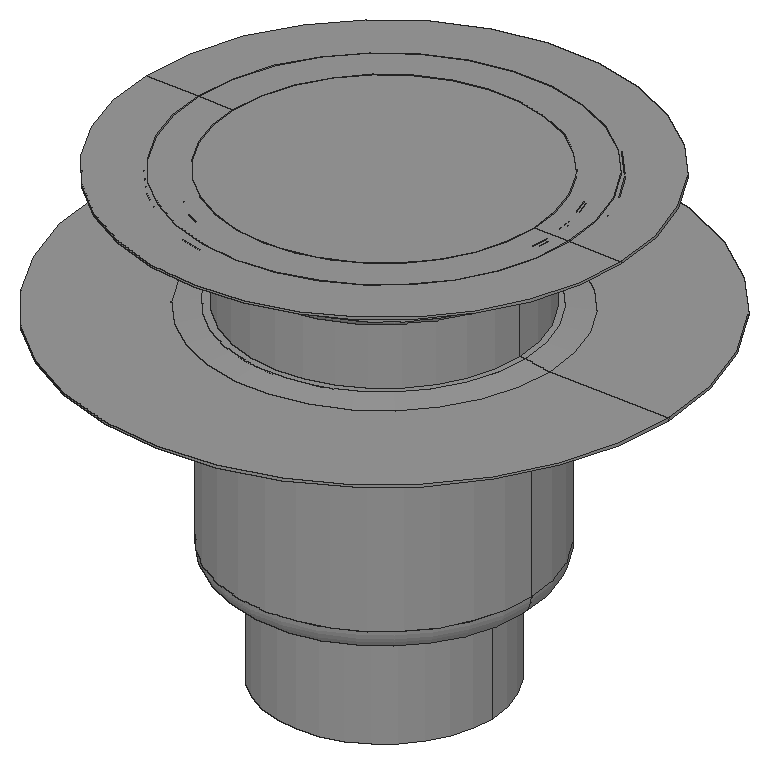
Revit family "ACO AUS Gully 218 Telescopic - Vinyl - Vertical Outlet with Mechanical Flange - 300x3003", category Plumbing Fixtures, host Floor, Revit 2014
Parameters (values of type "142208 - Adjustable Height without FAT SS 304")
  vertical 110 = no
  Website = "www.acoaus.com.au"
  Watermarked By = "www.acoaus.com.au"
  Water Marked With = "BIM Manager Premium Suite"  # constant formula
  Water Mark 2 = "This file is water marked and users are prohibited to reproduce, adapt, distribute this information"  # constant formula
  Water Mark 1 = "This file is the property of ACO Passavant"  # constant formula
  Waste Connection = no
  Vertical 160 = yes
  Telephone = "+61 (2) 4747 4000"  # constant formula
  Square Size = 300.000 mm
  Seepage Water Removal Pipe End = -if(Square Size = 250.000 mm, 33.500 mm, 25.000 mm)  # -25.000 mm
  Product Type = "Point Drainage"  # constant formula
  Product Range = "ACO Gully 218"  # constant formula
  Product Code 413029 = "N/A"
  Product Code 413028 = "2.0 litre removable strainer - Stainless steel grade 304 - 0.9kg"
  Product Code 408236 = "N/A"
  Product Code 408233 = "N/A"
  Product Code 408226 = "Waterproof bonding flange - Stainless steel grade 304 - 2.5kg"
  Product Code 408223 = "0.7 litre removable strainer - Stainless steel grade 304 - 0.6kg"
  Product Code 142008 = "N/A"
  Product Code 142006 = "N/A"
  Product Code 142005 = "N/A"
  Product Code 142004 = "N/A"
  Product Code 142003 = "N/A"
  Product Code 142002 = "N/A"
  Price = "POA - contact ACO "  # constant formula
  Outlet Height = 77.000 mm
  Outlet Diameter (mm) = "160"  # constant formula
  Outlet = 78.500 mm
  Material = Stainless Steel AISI 304
  Manufacturer = "ACO Polycrete"  # constant formula
  Load Class = "A15 - C250 (EN 1253) and D210 (AS 3996)\r\n"  # constant formula
  Gully Weight (Kg) = "6.8"
  Gully Void Start [instance] = 0.000 mm  # constant formula
  Gully Void End = -244.000 mm
  Gully Top Size (mm) = "To suit 222 dia. grates\r\n"  # constant formula
  Gully Top = yes
  Gully Recycled Material Content = "20 - 30 %"  # constant formula
  Gully Recyclable = "Fully Recyclable"  # constant formula
  Gully Product Description = "ACO Gully 218 adjustable height gully with integrated clamping flange - DN160 vertical outlet with round vinyl clamping top section without FAT - grade 304\r\nACO Gully 218 adjustable height gully with integrated clamping flange - DN100 vertical outlet with round vinyl clamping top section without FAT - grade 304\r\nACO Gully 218 adjustable height gully with integrated clamping flange - DN100 vertical outlet with round vinyl clamping top section without FAT - grade 304\r\nACO Gully 218 adjustable height gully with integrated clamping flange - DN160 vertical outlet with round vinyl clamping top section without FAT - grade 304"
  Gully Product Code = "142208"
  Gully Material = "Stainless steel grade 304"
  Gully Colour = "passivated stainless steel surface ( matt grey)"  # constant formula
  Grating Product Code 97388 = "N/A"
  Grating Product Code 97148 = "Load Class M125 (EN 1253) - Ladder grate - Plain - Stainless steel grade 304 - 222mm - 2.4kg"
  Foul Air Trap Seal Recycled Material Content = "N/A"
  Foul Air Trap Seal Recyclable = "N/A"
  Foul Air Trap Seal Material = "N/A"
  Foul Air Trap Seal Colour = "N/A"
  Flow Rate (l/s) = "27.1"
  Grating 250 x 250mm = Square Size = 300.000 mm  # yes
  Floor to Gully Height [instance] = if(FFL To Gully Top Height > 91.000 mm, 91.000 mm, if(and(FFL To Gully Top Height > 62.000 mm, FFL To Gully Top Height < 92.000 mm), FFL To Gully Top Height, if(FFL To Gully Top Height < 62.000 mm, 62.000 mm, FFL To Gully Top Height)))  # 91.000 mm
  Floor Void End [instance] = -(Floor to Gully Height)  # -91.000 mm
  Fax = "+61 (2) 4747 4029"  # constant formula
  FFL To Gully Top Height [instance] = 160.000 mm
  E-mail Sales = "sales@acoaus.com.au"
  Address = "134-140 Old Bathurst Road, Emu Plains, NSW 2750, Australia\r\n"  # constant formula
  Foul Air Trap & Foul Air Trap Support Ring = no
  97388 - 268 x 268mm - Ladder Grating - Plain - Stainless Steel 316 [instance] = no
  97148 - 268 x 268mm - Ladder Grating - Plain - Stainless Steel 304 [instance] = yes
  413029 - 2.0 litre removable strainer - Stainless Steel 316 [instance] = no
  413028 - 2.0 litre removable strainer - Stainless Steel 304 [instance] = no
  408236 - Waterproof bonding flange - Stainless Steel 316 [instance] = no
  408233 - 0.7 litre removable strainer - Stainless Steel 316 [instance] = no
  408226 - Waterproof bonding flange - Stainless Steel 304 [instance] = no
  408223 - 0.7 litre removable strainer - Stainless Steel 304 [instance] = no
  142008 - Fixed strainer to suit a 160mm outlet - Stainless Steel 316 [instance] = no
  142006 - Retention chain connecting removable FAT to grate - Stainless Steel 316 [instance] = no
  142005 - Retention chain connecting removable strainer to grate - Stainless Steel 316 [instance] = no
  142004 - Retention chain connecting to FAT to removable strainer -Stainless Steel 316 [instance] = no
  142003 - Retention chain connecting fixed strainer to removable strainer - Stainless Steel 316 [instance] = no
  142002 - Retention chain connecting fixed strainer to FAT - Stainless Steel 316 [instance] = no
Reference planes
  plane 1 "Center (Front/Back)": y = 0
  plane 2: z = 0
  plane 3 "Center (Left/Right)": x = 0
Forms (mm)
  Revolve 1, solid, material "Stainless Steel AISI 304" <- "Material", visible <- "Gully Top"
    sketch origin (0, 0, -10) x (1, 0, 0) y (0, 0, 1)
      loop
        line (-99.973, -32.996) -> (-99.973, -86) -> (-98.473, -86) -> (-98.473, -31.496) -> (-105.761, -31.496)
        arc (-105.761, -31.496) -> (-106.673, -31.118) -> (-107.051, -30.206) r 1.29
        line (-107.051, -30.206) -> (-107.051, -19.721)
        arc (-107.051, -19.721) -> (-115.158, -17.992) -> (-118.79, -10.541) r 9.459
        line (-118.79, -10.541) -> (-118.79, 3.022)
        arc (-118.79, 3.022) -> (-119.663, 5.128) -> (-121.768, 6) r 2.978
        line (-121.768, 6) -> (-136.541, 6) -> (-136.541, 10) -> (-175, 10) -> (-175, 8.5) -> (-138.973, 8.5)
        arc (-138.973, 8.5) -> (-138.506, 5.755) -> (-136.02, 4.5) r 3.09
        line (-136.02, 4.5) -> (-121.768, 4.5)
        arc (-121.768, 4.5) -> (-120.723, 4.067) -> (-120.29, 3.022) r 1.478
        line (-120.29, 3.022) -> (-120.29, -10.541)
        arc (-120.29, -10.541) -> (-116.8, -18.561) -> (-108.551, -21.472) r 10.959
        line (-108.551, -21.472) -> (-108.551, -30.206)
        arc (-108.551, -30.206) -> (-107.734, -32.179) -> (-105.761, -32.996) r 2.79
        line (-105.761, -32.996) -> (-99.973, -32.996)
      axis (0, -86) -> (0, 10)
    angle from 0 to 360
  Extrusion 2, solid, material "Stainless Steel AISI 304" <- "Material", visible <- "Gully Top"
    sketch origin (0, 0, 0) x (1, 0, 0) y (0, 1, 0)
      loop
        circle (0, 0) r 111
    from 0 to -30
  Extrusion 3, void
    sketch origin (0, 0, 0) x (1, 0, 0) y (0, 1, 0)
      loop
        circle (0, 0) r 175
    from 0 to -91 <- "Floor Void End"
  Revolve 4, solid, material "Rubber, Nitrile", visible <- "Foul Air Trap & Foul Air Trap Support Ring"
    sketch origin (0, 0, 0) x (1, 0, 0) y (0, 0, 1)
      loop
        line (-90.995, -145.5) -> (-107.493, -145.5) -> (-107.493, -166.5) -> (-90.995, -166.5) -> (-90.995, -161) -> (-85.993, -161) -> (-85.993, -150.482) -> (-90.995, -150.482) -> (-90.995, -145.5)
      axis (0, -166.5) -> (0, -145.5)
    angle from 0 to 360
  Extrusion 5, void
    sketch origin (0, 0, -91) x (0, 1, 0) y (-1, 0, 0)
      loop
        circle (0, 0) r 210
    from 0 <- "Gully Void Start" to -244 <- "Gully Void End"
  Revolve 6, solid, material "Stainless Steel AISI 304" <- "Material"
    sketch origin (0, 0, 0) x (1, 0, 0) y (0, 0, 1)
      loop
        line (-136.541, 0) -> (-136.541, -4) -> (-121.662, -4)
        arc (-121.662, -4) -> (-119.614, -4.849) -> (-118.765, -6.898) r 2.897
        line (-118.765, -6.898) -> (-118.765, -20.541)
        arc (-118.765, -20.541) -> (-116.575, -26.66) -> (-111, -30) r 9.644
        line (-111, -30) -> (-111, 0) -> (-136.541, 0)
      axis (0, 0) -> (0, -30)
    angle from 0 to 360
  Revolve 7, solid, material "Stainless Steel AISI 304" <- "Material", visible <- "Foul Air Trap & Foul Air Trap Support Ring"
    sketch origin (0, 0, 0) x (1, 0, 0) y (0, 0, 1)
      loop
        line (-91, -145.5) -> (-91, -148)
        arc (-91, -148) -> (-90.121, -150.121) -> (-88, -151) r 3
        line (-88, -151) -> (-81.5, -151)
        arc (-81.5, -151) -> (-67.358, -156.858) -> (-61.5, -171) r 20
        line (-61.5, -171) -> (-61.5, -176.036) -> (-60, -176.036) -> (-60, -171)
        arc (-60, -171) -> (-66.297, -155.797) -> (-81.5, -149.5) r 21.5
        line (-81.5, -149.5) -> (-88, -149.5)
        arc (-88, -149.5) -> (-89.061, -149.061) -> (-89.5, -148) r 1.5
        line (-89.5, -148) -> (-89.5, -145.5) -> (-91, -145.5)
      loop
        line (-84, -172.5) -> (-84, -202.5)
        arc (-84, -202.5) -> (-72.577, -230.077) -> (-45, -241.5) r 39
        line (-45, -241.5) -> (0, -241.5) -> (0, -240) -> (-45, -240)
        arc (-45, -240) -> (-71.517, -229.017) -> (-82.5, -202.5) r 37.5
        line (-82.5, -202.5) -> (-82.5, -172.5) -> (-84, -172.5)
      axis (0, -145.5) -> (0, -241.5)
    angle from 0 to 360
Lines and regions (mm)
  model lines, visible <- "Grating 250 x 250mm", not visible
    curve 1: line (625.621, 158.755, 0.136) -> (625.621, -111.745, 0.136)
    curve 2: line (626.621, 158.755, 0.136) -> (626.621, -111.745, 0.136)
    curve 3: line (723.344, 158.755, 0.136) -> (723.344, -111.745, 0.136)
    curve 4: line (724.344, 158.755, 0.136) -> (724.344, -111.745, 0.136)
    curve 5: line (658.195, 158.755, 0.136) -> (658.195, -111.745, 0.136)
    curve 6: line (659.195, 158.755, 0.136) -> (659.195, -111.745, 0.136)
    curve 7: line (690.77, 158.755, 0.136) -> (690.77, -111.745, 0.136)
    curve 8: line (691.77, 158.755, 0.136) -> (691.77, -111.745, 0.136)
    curve 9: line (528.897, 158.755, 0.136) -> (528.897, -111.745, 0.136)
    curve 10: line (527.897, 158.755, 0.136) -> (527.897, -111.745, 0.136)
    curve 11: line (594.046, 158.755, 0.136) -> (594.046, -111.745, 0.136)
    curve 12: line (593.046, 158.755, 0.136) -> (593.046, -111.745, 0.136)
    curve 13: line (561.472, 158.755, 0.136) -> (561.472, -111.745, 0.136)
    curve 14: line (560.472, 158.755, 0.136) -> (560.472, -111.745, 0.136)
    curve 15: line (471.728, 42.147, 0.136) -> (742.228, 42.147, 0.136)
    curve 16: line (471.728, 43.147, 0.136) -> (742.228, 43.147, 0.136)
    curve 17: line (471.728, 139.871, 0.136) -> (742.228, 139.871, 0.136)
    curve 18: line (471.728, 140.871, 0.136) -> (742.228, 140.871, 0.136)
    curve 19: line (471.728, 74.722, 0.136) -> (742.228, 74.722, 0.136)
    curve 20: line (471.728, 75.722, 0.136) -> (742.228, 75.722, 0.136)
    curve 21: line (471.728, 107.296, 0.136) -> (742.228, 107.296, 0.136)
    curve 22: line (471.728, 108.296, 0.136) -> (742.228, 108.296, 0.136)
    curve 23: line (471.728, -54.577, 0.136) -> (742.228, -54.577, 0.136)
    curve 24: line (471.728, -55.577, 0.136) -> (742.228, -55.577, 0.136)
    curve 25: line (471.728, 10.573, 0.136) -> (742.228, 10.573, 0.136)
    curve 26: line (471.728, 9.573, 0.136) -> (742.228, 9.573, 0.136)
    curve 27: line (471.728, -22.002, 0.136) -> (742.228, -22.002, 0.136)
    curve 28: line (471.728, -23.002, 0.136) -> (742.228, -23.002, 0.136)
    curve 29: line (493.322, 158.755, 0.136) -> (493.322, -111.745, 0.136)
    curve 30: line (492.322, 158.755, 0.136) -> (492.322, -111.745, 0.136)
    curve 31: line (471.728, -90.152, 0.136) -> (742.228, -90.152, 0.136)
    curve 32: line (471.728, -91.152, 0.136) -> (742.228, -91.152, 0.136)
  model lines
    curve 33: line (-134, 61.415, -91) -> (134, 61.415, -91)
    curve 34: line (-101.295, 45.391, 0) -> (-101.295, -45.391, 0)
    curve 35: line (-98.105, 51.927, 0) -> (-98.105, -51.927, 0)
    curve 36: line (-61.415, 92.462, 0) -> (-61.415, -92.462, 0)
    curve 37: line (-58.225, 94.503, 0) -> (-58.225, -94.503, 0)
    curve 38: line (-21.535, 108.891, 0) -> (-21.535, -108.891, 0)
    curve 39: line (-18.345, 109.474, 0) -> (-18.345, -109.474, 0)
    curve 40: line (18.345, 109.474, 0) -> (18.345, -108.891, 0)
    curve 41: line (21.535, 108.891, 0) -> (21.535, -108.891, 0)
    curve 42: line (58.225, 94.503, 0) -> (58.225, -94.503, 0)
    curve 43: line (61.415, 92.462, 0) -> (61.415, -92.462, 0)
    curve 44: line (99.875, 48.436, 0) -> (98.105, -52.96, 0)
    curve 45: line (102.817, 41.828, 0) -> (101.295, -45.391, 0)
  model lines, not visible
    curve 46: line (-134, -101.295, -53) -> (134, -101.295, -53)
    curve 47: line (-134, -98.105, -53) -> (134, -98.105, -53)
    curve 48: line (-134, -61.415, -53) -> (134, -61.415, -53)
    curve 49: line (-134, -58.225, -53) -> (134, -58.225, -53)
    curve 50: line (-134, -21.535, -53) -> (134, -21.535, -53)
    curve 51: line (-134, -18.345, -53) -> (134, -18.345, -53)
    curve 52: line (-134, 18.345, -53) -> (134, 18.345, -53)
    curve 53: line (-134, 21.535, -53) -> (134, 21.535, -53)
    curve 54: line (-134, 58.225, -53) -> (134, 58.225, -53)
    curve 55: line (-134, 98.105, -53) -> (134, 98.105, -53)
    curve 56: line (-134, 101.295, -53) -> (134, 101.295, -53)
    curve 57: line (-101.295, 134, -53) -> (-101.295, -134, -53)
    curve 58: line (-98.105, 134, -53) -> (-98.105, -134, -53)
    curve 59: line (-134, 61.415, -53) -> (134, 61.415, -53)
    curve 60: line (-61.415, 134, -53) -> (-61.415, -134, -53)
    curve 61: line (-58.225, 134, -53) -> (-58.225, -134, -53)
    curve 62: line (-21.535, 134, -53) -> (-21.535, -134, -53)
    curve 63: line (-18.345, 134, -53) -> (-18.345, -134, -53)
    curve 64: line (18.345, 134, -53) -> (18.345, -134, -53)
    curve 65: line (21.535, 134, -53) -> (21.535, -134, -53)
    curve 66: line (58.225, 134, -53) -> (58.225, -134, -53)
    curve 67: line (61.415, 134, -53) -> (61.415, -134, -53)
    curve 68: line (98.105, 134, -53) -> (98.105, -134, -53)
    curve 69: line (101.295, 134, -53) -> (101.295, -134, -53)
    curve 70: line (-101.295, 45.391, 0) -> (-101.295, -45.391, 0)
    curve 71: line (-98.105, 51.927, 0) -> (-98.105, -51.927, 0)
    curve 72: line (-61.415, 92.462, 0) -> (-61.415, -92.462, 0)
    curve 73: line (-58.225, 94.503, 0) -> (-58.225, -94.503, 0)
    curve 74: line (-21.535, 108.891, 0) -> (-21.535, -108.891, 0)
    curve 75: line (-18.345, 109.474, 0) -> (-18.345, -109.474, 0)
    curve 76: line (18.345, 109.474, 0) -> (18.345, -108.891, 0)
    curve 77: line (21.535, 108.891, 0) -> (21.535, -108.891, 0)
    curve 78: line (58.225, 94.503, 0) -> (58.225, -94.503, 0)
    curve 79: line (61.415, 92.462, 0) -> (61.415, -92.462, 0)
    curve 80: line (99.875, 48.436, 0) -> (98.105, -52.96, 0)
    curve 81: line (102.817, 41.828, 0) -> (101.295, -45.391, 0)
Dimensions and locks
  Extrusion 2 to nested 1 = 61.000 mm
  Revolve 4 sketch curve to Revolve 4 sketch curve to Revolve 4 sketch curve to Revolve 4 sketch curve = 4.982 mm locked, 10.518 mm locked, 5.500 mm locked
  equal spacing: Revolve 4 sketch curve, Revolve 4 sketch curve, Revolve 4 sketch curve, Revolve 4 sketch curve
  "FFL To Gully Top Height": host floor to host floor
  Revolve 4 sketch curve to Revolve 4 sketch curve to Revolve 4 sketch curve to Revolve 4 sketch curve = 16.497 mm locked, 0.000 mm locked, 5.003 mm locked
  Revolve 1 sketch curve to Revolve 1 sketch curve to Revolve 1 sketch curve to Revolve 1 sketch curve to Revolve 1 sketch curve to Revolve 1 sketch curve to Revolve 1 sketch curve to Revolve 1 sketch curve to Revolve 1 sketch curve = 55.794 mm locked, 19.665 mm locked, 13.563 mm locked, 1.478 mm locked, 1.500 mm locked, 1.590 mm locked, 0.910 mm locked, 1.500 mm locked
  Revolve 7 sketch curve to Revolve 7 sketch curve to Revolve 7 sketch curve to Revolve 7 sketch curve to Revolve 7 sketch curve to Revolve 7 sketch curve to Revolve 7 sketch curve to Revolve 7 sketch curve to Revolve 7 sketch curve to Revolve 7 sketch curve to Revolve 7 sketch curve = 2.500 mm locked, 3.000 mm locked, 20.000 mm locked, 0.000 mm locked, 1.500 mm locked, 3.536 mm locked, 26.464 mm locked, 0.000 mm locked, 37.500 mm locked, 1.500 mm locked
  locked: nested 1 to Revolve 4 at 54.5
  locked: nested 1 to Revolve 7 sketch curve at 150.5
  locked: nested 1 to Revolve 4 sketch curve at 54.5
  radius of Extrusion 2 sketch curve = 111.000 mm
  aligned and locked: level to plane 2
  aligned and locked: nested 2 to plane 1 "Center (Front/Back)"
  aligned and locked: Revolve 1 sketch curve to nested 4
  aligned and locked: nested 4 to plane 2
  aligned and locked: Extrusion 2 to Revolve 6 sketch curve
  aligned and locked: Revolve 6 sketch curve to plane 3 "Center (Left/Right)"
  aligned and locked: plane 3 "Center (Left/Right)" to Revolve 1 sketch curve
  aligned and locked: plane 3 "Center (Left/Right)" to nested 4
  aligned and locked: plane 3 "Center (Left/Right)" to nested 1
  aligned and locked: plane 1 "Center (Front/Back)" to nested 1
  aligned and locked: nested 3 to plane 1 "Center (Front/Back)"
  aligned and locked: Extrusion 5 sketch curve to nested 1
  aligned and locked: Extrusion 3 sketch curve to Revolve 1
  aligned and locked: plane 3 "Center (Left/Right)" to nested 5
  aligned and locked: nested 5 to nested 1
  aligned and locked: nested 6 to level
  aligned and locked: plane 3 "Center (Left/Right)" to nested 6
Automatic sketch dimensions
  curve 12 to curve 1 = 0.000 mm
  curve 10 to curve 12 = 0.000 mm
  curve 1 to curve 2 = 0.000 mm  (x2)
  curve 10 to curve 14 = 0.000 mm  (x2)
  curve 2 to curve 3 = 0.000 mm
  curve 14 to curve 13 = 0.000 mm  (x2)
  curve 3 to curve 4 = 0.000 mm  (x2)
  curve 30 to curve 10 = 0.000 mm
  curve 2 to curve 5 = 0.000 mm  (x2)
  curve 30 to curve 29 = 0.000 mm  (x2)
  curve 5 to curve 6 = 0.000 mm  (x2)
  curve 8 to curve 3 = 0.000 mm
  curve 7 to curve 8 = 0.000 mm  (x2)
  curve 12 to curve 11 = 0.000 mm  (x2)
  curve 10 to curve 9 = 0.000 mm  (x2)
  curve 30 to curve 32 = 20.594 mm
  curve 32 to curve 31 = 1.000 mm
  curve 31 to curve 24 = 34.575 mm
  curve 24 to curve 23 = 1.000 mm
  curve 23 to curve 28 = 31.575 mm
  curve 28 to curve 27 = 1.000 mm
  curve 27 to curve 26 = 31.575 mm
  curve 26 to curve 25 = 1.000 mm
  curve 25 to curve 15 = 31.575 mm
  curve 15 to curve 16 = 1.000 mm
  curve 16 to curve 19 = 31.575 mm
  curve 19 to curve 20 = 1.000 mm
  curve 20 to curve 21 = 31.575 mm
  curve 21 to curve 22 = 1.000 mm
  curve 22 to curve 17 = 31.575 mm
  curve 17 to curve 18 = 1.000 mm
  curve 18 to curve 14 = 17.884 mm
  curve 13 to curve 12 = 0.000 mm
  curve 18 to curve 8 = 17.884 mm
  curve 18 to curve 29 = 17.884 mm
  curve 6 to curve 7 = 0.000 mm
  curve 18 to curve 4 = 17.884 mm  (x2)
  curve 15 to curve 32 = 0.000 mm
  curve 17 to curve 15 = 0.000 mm
  curve 18 to curve 17 = 0.000 mm
  curve 19 to curve 15 = 0.000 mm
  curve 20 to curve 19 = 0.000 mm  (x2)
  curve 21 to curve 20 = 0.000 mm  (x2)
  curve 22 to curve 21 = 0.000 mm  (x2)
  curve 23 to curve 32 = 0.000 mm
  curve 24 to curve 23 = 0.000 mm
  curve 25 to curve 15 = 0.000 mm
  curve 26 to curve 25 = 0.000 mm  (x2)
  curve 27 to curve 26 = 0.000 mm  (x2)
  curve 28 to curve 27 = 0.000 mm  (x2)
  curve 31 to curve 32 = 0.000 mm
  curve 16 to curve 15 = 0.000 mm  (x2)
  curve 4 to curve 3 = 1.000 mm
  curve 3 to curve 8 = 31.575 mm
  curve 8 to curve 7 = 1.000 mm
  curve 7 to curve 6 = 31.575 mm
  curve 6 to curve 5 = 1.000 mm
  curve 5 to curve 2 = 31.575 mm
  curve 2 to curve 1 = 1.000 mm
  curve 1 to curve 11 = 31.575 mm
  curve 11 to curve 12 = 1.000 mm
  curve 12 to curve 13 = 31.575 mm
  curve 13 to curve 14 = 1.000 mm
  curve 14 to curve 9 = 31.575 mm
  curve 9 to curve 10 = 1.000 mm
  curve 10 to curve 29 = 34.575 mm
  curve 29 to curve 30 = 1.000 mm
  curve 30 to curve 25 = 20.594 mm
  curve 30 to curve 18 = 20.594 mm
  curve 19 to curve 25 = 0.000 mm
  curve 24 to curve 27 = 0.000 mm
  curve 15 to curve 25 = 0.000 mm
  curve 23 to curve 24 = 0.000 mm
  curve 31 to curve 24 = 0.000 mm
  curve 32 to curve 31 = 0.000 mm
  curve 17 to curve 18 = 0.000 mm
  Revolve 4 sketch curve to level = 0.000 mm
  Revolve 4 sketch curve to plane 3 "Center (Left/Right)" = 0.000 mm
  Revolve 4 sketch curve to plane 3 "Center (Left/Right)" = 85.993 mm
  level to Revolve 4 sketch curve = 25.000 mm
  curve 33 to nested 1 = 61.415 mm
  curve 33 to curve 33 = 268.000 mm
  Revolve 1 sketch curve to Revolve 1 sketch curve = 0.000 mm  (x6)
  Revolve 1 sketch curve to level = 0.000 mm
  Revolve 1 sketch curve to plane 3 "Center (Left/Right)" = 98.473 mm
  Revolve 1 sketch curve to Revolve 1 sketch curve = 1.500 mm  (x2)
  Revolve 1 sketch curve to Revolve 1 sketch curve = 5.789 mm
  Revolve 1 sketch curve to Revolve 1 sketch curve = 1.290 mm
  Revolve 1 sketch curve to Revolve 1 sketch curve = 2.280 mm
  Revolve 1 sketch curve to Revolve 1 sketch curve = 14.251 mm
  Revolve 1 sketch curve to Revolve 1 sketch curve = 0.522 mm
  Revolve 1 sketch curve to Revolve 1 sketch curve = 8.734 mm
  level to Revolve 1 sketch curve = 25.000 mm
  plane 1 "Center (Front/Back)" to Extrusion 2 sketch curve = 0.000 mm
  Extrusion 2 sketch curve to plane 3 "Center (Left/Right)" = 0.000 mm
  Revolve 6 sketch curve to plane 3 "Center (Left/Right)" = 136.541 mm
  Revolve 6 sketch curve to level = 4.000 mm
  Revolve 6 sketch curve to Revolve 6 sketch curve = 14.879 mm
  Revolve 6 sketch curve to Revolve 6 sketch curve = 2.897 mm
  Revolve 6 sketch curve to Revolve 6 sketch curve = 7.765 mm
  Revolve 6 sketch curve to Revolve 6 sketch curve = 1.879 mm
  Revolve 6 sketch curve to Revolve 6 sketch curve = 13.644 mm
  Revolve 6 sketch curve to Revolve 6 sketch curve = 970.000 mm
  level to Revolve 6 sketch curve = 1000.000 mm
  curve 34 to curve 35 = 3.190 mm
  curve 35 to curve 36 = 36.690 mm
  curve 36 to curve 37 = 3.190 mm
  curve 37 to curve 38 = 36.690 mm
  curve 38 to curve 39 = 3.190 mm
  curve 39 to curve 40 = 36.690 mm
  curve 40 to curve 41 = 3.190 mm
  curve 41 to curve 42 = 36.690 mm
  curve 42 to curve 43 = 3.190 mm
  curve 43 to curve 44 = 36.690 mm
  curve 43 to curve 44 = 38.460 mm
  curve 44 to curve 45 = 3.190 mm
  curve 44 to curve 45 = 2.943 mm
  curve 39 to curve 41 = 0.583 mm
  curve 39 to curve 38 = 0.583 mm
  curve 40 to curve 41 = 0.000 mm
  curve 41 to curve 42 = 14.388 mm
  curve 38 to curve 37 = 14.388 mm
  curve 37 to curve 36 = 2.041 mm
  curve 42 to curve 43 = 2.041 mm
  curve 43 to curve 44 = 39.501 mm
  curve 36 to curve 35 = 40.535 mm
  curve 35 to curve 34 = 6.536 mm
  curve 44 to curve 45 = 7.570 mm
  curve 45 to curve 45 = 87.219 mm
  curve 34 to curve 34 = 90.782 mm
  curve 45 to curve 44 = 6.608 mm
  curve 34 to curve 35 = 6.536 mm
  curve 35 to curve 36 = 40.535 mm
  curve 44 to curve 43 = 44.026 mm
  curve 43 to curve 42 = 2.041 mm
  curve 36 to curve 37 = 2.041 mm
  curve 42 to curve 41 = 14.388 mm
  curve 37 to curve 38 = 14.388 mm
  curve 41 to curve 40 = 0.583 mm
  curve 38 to curve 39 = 0.583 mm
  curve 70 to curve 71 = 3.190 mm
  curve 71 to curve 72 = 36.690 mm
  curve 72 to curve 73 = 3.190 mm
  curve 73 to curve 74 = 36.690 mm
  curve 74 to curve 75 = 3.190 mm
  curve 75 to curve 76 = 36.690 mm
  curve 76 to curve 77 = 3.190 mm
  curve 77 to curve 78 = 36.690 mm
  curve 78 to curve 79 = 3.190 mm
  curve 79 to curve 80 = 36.690 mm
  curve 79 to curve 80 = 38.460 mm
  curve 80 to curve 81 = 3.190 mm
  curve 80 to curve 81 = 2.943 mm
  curve 75 to curve 77 = 0.583 mm
  curve 75 to curve 74 = 0.583 mm
  curve 76 to curve 77 = 0.000 mm
  curve 77 to curve 78 = 14.388 mm
  curve 74 to curve 73 = 14.388 mm
  curve 73 to curve 72 = 2.041 mm
  curve 78 to curve 79 = 2.041 mm
  curve 79 to curve 80 = 39.501 mm
  curve 72 to curve 71 = 40.535 mm
  curve 71 to curve 70 = 6.536 mm
  curve 80 to curve 81 = 7.570 mm
  curve 81 to curve 81 = 87.219 mm
  curve 70 to curve 70 = 90.782 mm
  curve 81 to curve 80 = 6.608 mm
  curve 70 to curve 71 = 6.536 mm
  curve 71 to curve 72 = 40.535 mm
  curve 80 to curve 79 = 44.026 mm
  curve 79 to curve 78 = 2.041 mm
  curve 72 to curve 73 = 2.041 mm
  curve 78 to curve 77 = 14.388 mm
  curve 73 to curve 74 = 14.388 mm
  curve 77 to curve 76 = 0.583 mm
  curve 74 to curve 75 = 0.583 mm
  Revolve 1 sketch curve to Revolve 1 sketch curve = 36.027 mm
  Revolve 7 sketch curve to Revolve 7 sketch curve = 0.000 mm  (x4)
  Revolve 7 sketch curve to plane 3 "Center (Left/Right)" = 91.000 mm
  Revolve 7 sketch curve to Revolve 7 sketch curve = 1.500 mm
  Revolve 7 sketch curve to Revolve 7 sketch curve = 4.000 mm
  Revolve 7 sketch curve to Revolve 7 sketch curve = 1.000 mm
  Revolve 7 sketch curve to Revolve 7 sketch curve = 45.000 mm
  Revolve 7 sketch curve to Revolve 7 sketch curve = 81.500 mm
  Revolve 7 sketch curve to level = 66.179 mm
  Revolve 7 sketch curve to Revolve 7 sketch curve = 10.000 mm
Nested families
  nested 1: "Vertical Gully Outlet" at (0, 0, 0), type "408057 - Telescopic - Vertical Outlet Ø - 110mm"
  nested 2: "Gully Detail Vertical" at (0, 0, -91) x (0, 1, 0) z (1, 0, 0), visible <- "Vertical 160", type "Vertical Outlet Gully 160"
  nested 3: "Vinyl Gully Top" at (0, 0, 0) x (0, 1, 0) z (1, 0, 0), type "Vinyl Gully Top 218"
  nested 4: "Vinyl Gully Top" at (0, 0, 0) x (1, 0, 0) z (0, -1, 0), type "Vinyl Gully Top 218"
  nested 5: "Gully Detail Vertical" at (0, 0, -91) x (1, 0, 0) z (0, -1, 0), type "Vertical Outlet Gully 160"
  nested 6: "Vinyl Gully Top" at (0, 0, 0) x (1, 0, 0) z (0, -1, 0), type "Vinyl Gully Top 218"
Connectors
  piping at (0, 0, -335), diameter 160
    settings: on nested 1, index 1, connector inside diameter 609.6 mm, connector length 0.000 mm, flow factor 0, pipe flow 0.0 L/s, pressure drop 0.0 Pa, fitting loss kfactor 0, connector angle 0.00°, fixture units 0, engagement length 0.000 mm, angle of deflection 0.00°, flow configuration 0, flow direction 0, fitting loss method 0, system type 16, joint type 0, gender type 0, connector reference index -1, connector utility 0, adjustable connector no, is connector primary yes, connector description ""
Definition of nested family "Vertical Gully Outlet"
  Parameters (values of type "408057 - Telescopic - Vertical Outlet Ø - 160mm")
    Vertical Void Radius = 78.500 mm
    Vertical Outlet = yes
    Type Comments = "﻿﻿  ﻿         ​    ﻿            ​            ​      ﻿      ﻿   ​     ﻿    ﻿   ​      ﻿​             ﻿         ​  ﻿      ​ ​    ​      ​  ​      ​       ​      ​            ﻿        ​      ﻿      ﻿       ﻿        ​    ​​ ​ ​​​ ​    ​﻿ ​​​         ﻿﻿                          ​﻿                         ﻿     ​                      ​         ​ ﻿       ​   ​              ​       ​  ​               ﻿         ​​                                 ​       ​                 ﻿          ﻿   ​​ ​          ﻿ ​             ﻿﻿"
    Top Plate Radius = 209.000 mm
    Vertical Height from Floor = 150.000 mm
    Outlet Height = 77.000 mm
    Keynote = "﻿﻿  ﻿         ​    ﻿            ​            ​      ﻿      ﻿   ​     ﻿    ﻿   ​      ﻿​             ﻿         ​  ﻿      ​ ​    ​      ​  ​      ​       ​      ​            ﻿        ​      ﻿      ﻿       ﻿        ​    ​​ ​ ​​​ ​    ​﻿ ​​​         ﻿﻿                          ​﻿                         ﻿     ​                      ​         ​ ﻿       ​   ​              ​       ​  ​               ﻿         ​​                                 ​       ​                 ﻿          ﻿   ​​ ​          ﻿ ​             ﻿﻿"
    Gully Height = if(Vertical Outlet, 170.000 mm, 0.000 mm)  # 170.000 mm
    Description = "﻿﻿  ﻿         ​    ﻿            ​            ​      ﻿      ﻿   ​     ﻿    ﻿   ​      ﻿​             ﻿         ​  ﻿      ​ ​    ​      ​  ​      ​       ​      ​            ﻿        ​      ﻿      ﻿       ﻿        ​    ​​ ​ ​​​ ​    ​﻿ ​​​         ﻿﻿                          ​﻿                         ﻿     ​                      ​         ​ ﻿       ​   ​              ​       ​  ​               ﻿         ​​                                 ​       ​                 ﻿          ﻿   ​​ ​          ﻿ ​             ﻿﻿"
    Assembly Code = "D"
  Types (2, lengths in mm): name | Vertical Height from Floor
    408057 - Telescopic - Vertical Outlet Ø - 110mm | 91.000
    408057 - Telescopic - Vertical Outlet Ø - 160mm | 150.000
  Reference planes
    plane 1 "Center (Front/Back)": y = 0
    plane 2: z = 0
    plane 3 "Center (Left/Right)": x = 0
    plane 4: z = -171
  Forms (mm)
    Revolve 1, solid, material "Stainless Steel AISI 304"
      sketch origin (0, 0, 0) x (1, 0, 0) y (0, 0, 1)
        loop
          line (-78.5, -318.5) -> (-92.5, -318.5)
          arc (-92.5, -318.5) -> (-103.107, -314.107) -> (-107.5, -303.5) r 15
          line (-107.5, -303.5) -> (-107.5, -150) -> (-210, -150) -> (-210, -151.5) -> (-109, -151.5) -> (-109, -303.5)
          arc (-109, -303.5) -> (-104.167, -315.167) -> (-92.5, -320) r 16.5
          line (-92.5, -320) -> (-78.5, -320) -> (-78.5, -318.5)
        axis (0, -320) -> (0, -150)
      angle from 0 to 360
    Revolve 2, solid, material "Stainless Steel AISI 304", visible <- "Vertical Outlet"
      sketch origin (0, 0, 0) x (1, 0, 0) y (0, 0, 1)
        loop
          line (-80, -394) -> (-78.5, -394) -> (-78.5, -320) -> (-80, -320) -> (-80, -394)
        axis (0, -394) -> (0, -320)
      angle from 0 to 360
    Revolve 3, solid, material "Rubber, Nitrile"
      sketch origin (0, 0, 0) x (1, 0, 0) y (0, 0, 1)
        loop
          line (-122.5, -150) -> (-107.5, -150) -> (-107.5, -171) -> (-100, -171) -> (-100, -147.659) -> (-104.943, -147.659) -> (-122.5, -150)
        axis (0, -171) -> (0, -147.659)
      angle from 0 to 360
  Dimensions and locks
    plane 3 "Center (Left/Right)" to Revolve 1 sketch curve to Revolve 1 sketch curve = 107.500 mm, 1.500 mm locked
    "Vertical Height from Floor": host floor to Revolve 1 sketch curve
    Revolve 1 sketch curve to Revolve 1 sketch curve to Revolve 1 sketch curve to Revolve 1 sketch curve = 0.000 mm locked, 15.000 mm locked, 1.500 mm locked
    "Gully Height": Revolve 1 sketch curve to Revolve 1 sketch curve
    "Vertical Void Radius": plane 3 "Center (Left/Right)" to Revolve 1 sketch curve
    locked: Revolve 2 sketch curve to Revolve 2 sketch curve at 1.5
    "Vertical Void Radius": plane 3 "Center (Left/Right)" to Revolve 2 sketch curve
    locked: Revolve 1 to Revolve 2 sketch curve at 1.5
    locked: Revolve 1 sketch curve to Revolve 1 sketch curve at 1.5
    locked: Revolve 3 sketch curve to Revolve 3 sketch curve at 15
    locked: Revolve 1 to Revolve 3 at 21
    locked: Revolve 3 sketch curve to Revolve 3 sketch curve at 21
    aligned and locked: level to plane 2
  Automatic sketch dimensions
    Revolve 3 sketch curve to plane 4 = 0.000 mm
    Revolve 3 sketch curve to plane 3 "Center (Left/Right)" = 0.000 mm
    Revolve 3 sketch curve to plane 3 "Center (Left/Right)" = 100.000 mm
    Revolve 3 sketch curve to Revolve 3 sketch curve = 7.500 mm
    Revolve 3 sketch curve to Revolve 3 sketch curve = 2.557 mm
    Revolve 3 sketch curve to level = 39.000 mm
    Revolve 3 sketch curve to level = 14.000 mm
    Revolve 3 sketch curve to Revolve 3 sketch curve = 2.341 mm
    Revolve 1 sketch curve to plane 3 "Center (Left/Right)" = 0.000 mm
    Revolve 1 sketch curve to Revolve 1 sketch curve = 101.000 mm
    level to Revolve 1 sketch curve = 200.000 mm
    Revolve 1 sketch curve to Revolve 1 sketch curve = 20.000 mm
    Revolve 2 sketch curve to level = 0.000 mm
    Revolve 2 sketch curve to plane 3 "Center (Left/Right)" = 0.000 mm
    Revolve 2 sketch curve to Revolve 2 sketch curve = 74.000 mm
    level to Revolve 2 sketch curve = 10.000 mm
Definition of nested family "Gully Detail Vertical"
  Parameters (values of type "Vertical Outlet Gully 160")
    Vertical 160 = yes
    Vertical 110 = no
    Type Comments = "﻿﻿  ﻿         ​    ﻿            ​            ​      ﻿      ﻿   ​     ﻿    ﻿   ​      ﻿​             ﻿         ​  ﻿      ​ ​    ​      ​  ​      ​       ​      ​            ﻿        ​      ﻿      ﻿       ﻿        ​    ​​ ​ ​​​ ​    ​﻿ ​​​         ﻿﻿                          ​﻿                         ﻿     ​                      ​         ​ ﻿       ​   ​              ​       ​  ​               ﻿         ​​                                 ​       ​                 ﻿          ﻿   ​​ ​          ﻿ ​             ﻿﻿"
    Top Piece Height = 170.000 mm
    Top Dia = 218.000 mm
    Top Connecting Plate Dia = 420.000 mm
    Keynote = "﻿﻿  ﻿         ​    ﻿            ​            ​      ﻿      ﻿   ​     ﻿    ﻿   ​      ﻿​             ﻿         ​  ﻿      ​ ​    ​      ​  ​      ​       ​      ​            ﻿        ​      ﻿      ﻿       ﻿        ​    ​​ ​ ​​​ ​    ​﻿ ​​​         ﻿﻿                          ​﻿                         ﻿     ​                      ​         ​ ﻿       ​   ​              ​       ​  ​               ﻿         ​​                                 ​       ​                 ﻿          ﻿   ​​ ​          ﻿ ​             ﻿﻿"
    Botttom Piece Height = 98.000 mm
    Bottom Outlet Dia = 160.000 mm
    Assembly Code = "D"
    A or B = 58.903 mm
  Types (3, lengths in mm): name | Vertical 160 | Vertical 110 | Top Connecting Plate Dia | Botttom Piece Height | Assembly Code
    Vertical Outlet Gully 110 | yes | no | 418.000 | 98.000 | "D"
    Vertical Outlet Gully 160 | yes | no | 420.000 | 98.000 | "D"
    Vertical Outlet Gully | no | yes | 418.000 | 93.000 | "﻿﻿  ﻿         ​    ﻿            ​            ​      ﻿      ﻿   ​     ﻿    ﻿   ​      ﻿​             ﻿         ​  ﻿      ​ ​    ​      ​  ​      ​       ​      ​            ﻿        ​      ﻿      ﻿       ﻿        ​    ​​ ​ ​​​ ​    ​﻿ ​​​         ﻿﻿                          ​﻿                         ﻿     ​                      ​         ​ ﻿       ​   ​              ​       ​  ​               ﻿         ​​                                 ​       ​                 ﻿          ﻿   ​​ ​          ﻿ ​             ﻿﻿"
  Reference planes
    plane 1 "Center (Front/Back)": y = 0
    plane 2: z = 0
    plane 3 "Center (Left/Right)": x = 0
  Lines and regions (mm)
    detail lines, in view "Ref. Level"
      curve 1: line (-210, 0, 0) -> (210, 0, 0)
      curve 2: line (210, 0, 0) -> (210, -1.5, 0)
      curve 4: line (-210, -1.5, 0) -> (-210, 0, 0)
      curve 22: line (92.5, -170, 0) -> (-92.5, -170, 0)
    detail lines, in view "Ref. Level", detail levels medium+fine
      curve 3: line (210, -1.5, 0) -> (-210, -1.5, 0)
      curve 5: arc (111, -1.5, 0) -> (109.586, -2.086, 0) -> (109, -3.5, 0) r 2
      curve 6: line (-109, -58.903, 0) -> (-109, -3.5, 0)
      curve 7: line (109, -58.903, 0) -> (109, -3.5, 0)
      curve 8: arc (107.25, -61.934, 0) -> (108.531, -60.653, 0) -> (109, -58.903, 0) r 3.5
      curve 9: line (105.69, -62.835, 0) -> (107.25, -61.934, 0)
      curve 10: arc (105.69, -62.835, 0) -> (104.44, -65, 0) -> (105.69, -67.165, 0) r 2.5
      curve 11: line (105.69, -67.165, 0) -> (107.25, -68.066, 0)
      curve 12: arc (109, -71.097, 0) -> (108.531, -69.347, 0) -> (107.25, -68.066, 0) r 3.5
      curve 13: line (109, -153.5, 0) -> (109, -71.097, 0)
      curve 14: arc (92.5, -170, 0) -> (104.167, -165.167, 0) -> (109, -153.5, 0) r 16.5
      curve 15: arc (-109, -58.903, 0) -> (-108.531, -60.653, 0) -> (-107.25, -61.934, 0) r 3.5
      curve 16: line (-105.69, -62.835, 0) -> (-107.25, -61.934, 0)
      curve 17: arc (-105.69, -67.165, 0) -> (-104.44, -65, 0) -> (-105.69, -62.835, 0) r 2.5
      curve 18: line (-105.69, -67.165, 0) -> (-107.25, -68.066, 0)
      curve 19: arc (-107.25, -68.066, 0) -> (-108.531, -69.347, 0) -> (-109, -71.097, 0) r 3.5
      curve 20: line (-109, -153.5, 0) -> (-109, -71.097, 0)
      curve 21: arc (-109, -153.5, 0) -> (-104.167, -165.167, 0) -> (-92.5, -170, 0) r 16.5
      curve 56: arc (-111, -1.5, 0) -> (-109.586, -2.086, 0) -> (-109, -3.5, 0) r 2
    detail lines, in view "Ref. Level", visible <- "Vertical 110", detail levels medium+fine
      curve 23: arc (-55.5, -175, 0) -> (-57.543, -171.417, 0) -> (-61.416, -170, 0) r 6
      curve 24: line (55.5, -175, 0) -> (-55.5, -175, 0)
      curve 25: arc (61.416, -170, 0) -> (57.543, -171.417, 0) -> (55.5, -175, 0) r 6
      curve 26: line (55, -178.017, 0) -> (55, -175, 0)
      curve 27: line (-55, -178.017, 0) -> (-55, -175, 0)
      curve 28: line (51.25, -181.733, 0) -> (55, -178.017, 0)
      curve 29: line (-51.25, -181.733, 0) -> (-55, -178.017, 0)
      curve 30: line (-51.25, -208.284, 0) -> (-51.25, -181.733, 0)
      curve 31: line (51.25, -208.284, 0) -> (51.25, -181.733, 0)
      curve 32: line (51.25, -208.284, 0) -> (55, -212, 0)
      curve 33: line (-51.25, -208.284, 0) -> (-55, -212, 0)
      curve 35: line (55, -260.536, 0) -> (53, -268, 0)
      curve 36: line (-53, -268, 0) -> (-55, -260.009, 0)
    detail lines, in view "Ref. Level", visible <- "Vertical 110"
      curve 34: line (-55, -260.009, 0) -> (-55, -212, 0)
      curve 37: line (53, -268, 0) -> (-53, -268, 0)
      curve 38: line (55, -260.536, 0) -> (55, -212, 0)
    detail lines, in view "Ref. Level", detail levels fine
      curve 39: line (-109, -58.903, 0) -> (109, -58.903, 0)
      curve 40: line (-109, -71.097, 0) -> (109, -71.097, 0)
      curve 74: line (-104.44, -65, 0) -> (104.44, -65, 0)
    detail lines, in view "Ref. Level", visible <- "Vertical 110", detail levels fine
      curve 41: line (-51.25, -181.733, 0) -> (51.25, -181.733, 0)
      curve 42: line (-51.25, -208.284, 0) -> (51.25, -208.284, 0)
      curve 43: line (-55, -212, 0) -> (55, -212, 0)
      curve 44: line (-55, -260.009, 0) -> (55, -260.009, 0)
    detail lines, in view "Ref. Level", detail levels coarse
      curve 45: line (210, -1.5, 0) -> (210, -66, 0)
      curve 46: line (-210, -1.5, 0) -> (-210, -170, 0)
      curve 47: line (-61.416, -170, 0) -> (-210, -170, 0)
      curve 54: line (210, -66, 0) -> (210, -170, 0)
      curve 55: line (60.795, -170, 0) -> (210, -170, 0)
    detail lines, in view "Ref. Level", visible <- "Vertical 110", detail levels coarse
      curve 48: line (-55, -212, 0) -> (-55, -170, 0)
      curve 49: line (55, -212, 0) -> (55, -170, 0)
      curve 50: line (-55, -260.009, 0) -> (-55, -268, 0)
      curve 51: line (-55, -268, 0) -> (-53, -268, 0)
      curve 52: line (55, -260.536, 0) -> (55, -268, 0)
      curve 53: line (53, -268, 0) -> (55, -268, 0)
    detail lines, in view "Ref. Level", visible <- "Vertical 160", detail levels medium+fine
      curve 57: arc (-80.5, -175, 0) -> (-82.543, -171.417, 0) -> (-86.416, -170, 0) r 6
      curve 58: line (-80, -178.017, 0) -> (-80, -175, 0)
      curve 61: arc (86.416, -170, 0) -> (82.543, -171.417, 0) -> (80.5, -175, 0) r 6
      curve 62: line (80, -178.017, 0) -> (80, -175, 0)
      curve 65: line (-78.501, -244, 0) -> (-80, -238.009, 0)
      curve 68: line (80, -238.536, 0) -> (78.536, -244, 0)
      curve 73: line (-80.5, -175, 0) -> (80.5, -175, 0)
    detail lines, in view "Ref. Level", visible <- "Vertical 160"
      curve 59: line (-80, -238.009, 0) -> (-80, -212, 0)
      curve 60: line (-80, -212, 0) -> (-80, -175, 0)
      curve 63: line (80, -238.536, 0) -> (80, -212, 0)
      curve 64: line (80, -212, 0) -> (80, -175, 0)
      curve 71: line (55, -244, 0) -> (-78.501, -244, 0)
      curve 72: line (55, -244, 0) -> (78.536, -244, 0)
    detail lines, in view "Ref. Level", visible <- "Vertical 160", detail levels coarse
      curve 66: line (-80, -238.009, 0) -> (-80, -244, 0)
      curve 67: line (-80, -244, 0) -> (-78.501, -244, 0)
      curve 69: line (80, -238.536, 0) -> (80, -244, 0)
      curve 70: line (78.536, -244, 0) -> (80, -244, 0)
      curve 75: line (-80, -175, 0) -> (-80, -170, 0)
      curve 76: line (80, -175, 0) -> (80, -170, 0)
    detail lines, in view "Ref. Level", visible <- "Vertical 160", detail levels fine
      curve 77: line (-79.837, -238.66, 0) -> (79.967, -238.66, 0)
    detail lines, style "0", in view "Ref. Level", detail levels medium+fine
      curve 78: arc (183.707, 0.023, 0) -> (182.235, 1.84, 0) -> (179.999, 2.523, 0) r 4
      curve 79: arc (-180.001, 2.523, 0) -> (-182.237, 1.84, 0) -> (-183.709, 0.023, 0) r 4
      curve 80: line (129.171, -0.076, 0) -> (129.349, 0.432, 0)
      curve 81: line (129.349, 0.432, 0) -> (129.585, 0.911, 0)
      curve 82: line (129.585, 0.911, 0) -> (129.876, 1.347, 0)
      curve 83: line (129.876, 1.347, 0) -> (130.043, 1.548, 0)
      curve 84: line (130.043, 1.548, 0) -> (130.225, 1.736, 0)
      curve 85: line (130.225, 1.736, 0) -> (130.421, 1.907, 0)
      curve 86: line (130.421, 1.907, 0) -> (130.63, 2.062, 0)
      curve 87: line (130.63, 2.062, 0) -> (130.851, 2.196, 0)
      curve 88: line (130.851, 2.196, 0) -> (131.084, 2.311, 0)
      curve 89: line (131.084, 2.311, 0) -> (131.329, 2.402, 0)
      curve 90: line (131.329, 2.402, 0) -> (131.582, 2.469, 0)
      curve 91: line (131.582, 2.469, 0) -> (131.841, 2.51, 0)
      curve 92: line (131.841, 2.51, 0) -> (132.101, 2.523, 0)
      curve 93: line (123.717, -0.076, 0) -> (123.54, 0.432, 0)
      curve 94: line (123.54, 0.432, 0) -> (123.304, 0.911, 0)
      curve 95: line (123.304, 0.911, 0) -> (123.013, 1.347, 0)
      curve 96: line (123.013, 1.347, 0) -> (122.846, 1.548, 0)
      curve 97: line (122.846, 1.548, 0) -> (122.664, 1.736, 0)
      curve 98: line (122.664, 1.736, 0) -> (122.468, 1.907, 0)
      curve 99: line (122.468, 1.907, 0) -> (122.259, 2.062, 0)
      curve 100: line (122.259, 2.062, 0) -> (122.038, 2.196, 0)
      curve 101: line (122.038, 2.196, 0) -> (121.804, 2.311, 0)
      curve 102: line (121.804, 2.311, 0) -> (121.56, 2.402, 0)
      curve 103: line (121.56, 2.402, 0) -> (121.307, 2.469, 0)
      curve 104: line (121.307, 2.469, 0) -> (121.048, 2.51, 0)
      curve 105: line (121.048, 2.51, 0) -> (120.788, 2.523, 0)
      curve 106: line (-121.79, 2.523, 0) -> (-122.051, 2.51, 0)
      curve 107: line (-122.051, 2.51, 0) -> (-122.311, 2.469, 0)
      curve 108: line (-122.311, 2.469, 0) -> (-122.565, 2.401, 0)
      curve 109: line (-122.565, 2.401, 0) -> (-122.809, 2.31, 0)
      curve 110: line (-122.809, 2.31, 0) -> (-123.042, 2.195, 0)
      curve 111: line (-123.042, 2.195, 0) -> (-123.264, 2.06, 0)
      curve 112: line (-123.264, 2.06, 0) -> (-123.473, 1.905, 0)
      curve 113: line (-123.473, 1.905, 0) -> (-123.669, 1.733, 0)
      curve 114: line (-123.669, 1.733, 0) -> (-123.851, 1.545, 0)
      curve 115: line (-123.851, 1.545, 0) -> (-124.018, 1.344, 0)
      curve 116: line (-124.018, 1.344, 0) -> (-124.309, 0.907, 0)
      curve 117: line (-124.309, 0.907, 0) -> (-124.543, 0.431, 0)
      curve 118: line (-124.543, 0.431, 0) -> (-124.72, -0.076, 0)
      curve 119: line (-133.104, 2.523, 0) -> (-132.842, 2.51, 0)
      curve 120: line (-132.842, 2.51, 0) -> (-132.583, 2.469, 0)
      curve 121: line (-132.583, 2.469, 0) -> (-132.329, 2.401, 0)
      curve 122: line (-132.329, 2.401, 0) -> (-132.085, 2.31, 0)
      curve 123: line (-132.085, 2.31, 0) -> (-131.851, 2.195, 0)
      curve 124: line (-131.851, 2.195, 0) -> (-131.63, 2.06, 0)
      curve 125: line (-131.63, 2.06, 0) -> (-131.421, 1.905, 0)
      curve 126: line (-131.421, 1.905, 0) -> (-131.225, 1.733, 0)
      curve 127: line (-131.225, 1.733, 0) -> (-131.043, 1.545, 0)
      curve 128: line (-131.043, 1.545, 0) -> (-130.876, 1.344, 0)
      curve 129: line (-130.876, 1.344, 0) -> (-130.585, 0.907, 0)
      curve 130: line (-130.585, 0.907, 0) -> (-130.351, 0.431, 0)
      curve 131: line (-130.351, 0.431, 0) -> (-130.174, -0.076, 0)
      curve 132: line (179.999, 2.523, 0) -> (132.101, 2.523, 0)
      curve 133: line (120.788, 2.523, 0) -> (-121.79, 2.523, 0)
      curve 134: line (-133.104, 2.523, 0) -> (-180.001, 2.523, 0)
      curve 135: line (171.784, 2.523, 0) -> (183.499, 15.062, 0)
      curve 137: line (183.499, 15.062, 0) -> (182.403, 16.086, 0)
      curve 138: line (182.403, 16.086, 0) -> (-182.405, 16.086, 0)
      curve 139: line (-182.405, 16.086, 0) -> (-183.501, 15.062, 0)
      curve 140: line (-183.501, 15.062, 0) -> (-171.742, 2.523, 0)
    detail lines, style "0", in view "Ref. Level", detail levels fine
      curve 136: line (183.499, 15.062, 0) -> (-183.501, 15.062, 0)
      curve 141: line (142.23, 16.086, 0) -> (142.23, 23.586, 0)
      curve 142: line (142.23, 23.586, 0) -> (125.23, 23.586, 0)
      curve 143: line (125.23, 23.586, 0) -> (125.23, 16.086, 0)
      curve 144: line (142.23, 23.586, 0) -> (141.23, 25.586, 0)
      curve 145: line (141.23, 25.586, 0) -> (126.23, 25.586, 0)
      curve 146: line (126.23, 25.586, 0) -> (125.23, 23.586, 0)
      curve 147: line (63.892, 16.086, 0) -> (63.892, 23.586, 0)
      curve 148: line (63.892, 23.586, 0) -> (46.892, 23.586, 0)
      curve 149: line (46.892, 23.586, 0) -> (46.892, 16.086, 0)
      curve 150: line (63.892, 23.586, 0) -> (62.892, 25.586, 0)
      curve 151: line (62.892, 25.586, 0) -> (47.892, 25.586, 0)
      curve 152: line (47.892, 25.586, 0) -> (46.892, 23.586, 0)
      curve 153: line (-46.895, 16.086, 0) -> (-46.895, 23.586, 0)
      curve 154: line (-46.895, 23.586, 0) -> (-63.895, 23.586, 0)
      curve 155: line (-63.895, 23.586, 0) -> (-63.895, 16.086, 0)
      curve 156: line (-46.895, 23.586, 0) -> (-47.895, 25.586, 0)
      curve 157: line (-47.895, 25.586, 0) -> (-62.895, 25.586, 0)
      curve 158: line (-62.895, 25.586, 0) -> (-63.895, 23.586, 0)
      curve 159: line (-126.233, 16.086, 0) -> (-126.233, 23.586, 0)
      curve 160: line (-126.233, 23.586, 0) -> (-143.233, 23.586, 0)
      curve 161: line (-143.233, 23.586, 0) -> (-143.233, 16.086, 0)
      curve 162: line (-126.233, 23.586, 0) -> (-127.233, 25.586, 0)
      curve 163: line (-127.233, 25.586, 0) -> (-142.233, 25.586, 0)
      curve 164: line (-142.233, 25.586, 0) -> (-143.233, 23.586, 0)
  Dimensions and locks
    equal spacing: curve 4, plane 3 "Center (Left/Right)", curve 2
    "Top Connecting Plate Dia": curve 4 to curve 2
    equal spacing: curve 6, plane 3 "Center (Left/Right)", curve 7
    curve 6 to curve 7 = 218.000 mm
    equal spacing: curve 34, plane 3 "Center (Left/Right)", curve 38
    equal spacing: curve 37, curve 44, curve 43, curve 42, curve 41, curve 24, curve 22, curve 40, curve 39, curve 3, curve 1
    "Top Piece Height": curve 22 to curve 1
    "Botttom Piece Height": curve 22 to curve 37
    curve 15 to curve 16 to curve 17 to curve 17 to curve 17 to curve 19 to curve 20 = 3.031 mm locked, 0.901 mm locked, 2.165 mm locked, 2.165 mm locked, 0.901 mm locked, 3.031 mm locked
    "A or B": curve 39 to plane 1 "Center (Front/Back)"
    curve 8 to curve 10 to curve 11 to curve 13 = 3.932 mm locked, 4.330 mm locked, 3.932 mm locked
    aligned and locked: curve 2 to curve 45
    aligned and locked: curve 22 to curve 46
    aligned and locked: curve 34 to curve 48
    aligned and locked: curve 38 to curve 49
    aligned and locked: curve 51 to curve 37
    aligned and locked: curve 55 to curve 22
    aligned and locked: curve 45 to curve 54
    aligned and locked: curve 59 to curve 60
    aligned and locked: curve 63 to curve 64
  Automatic sketch dimensions
    plane 1 "Center (Front/Back)" to curve 1 = 0.000 mm
    curve 140 to plane 1 "Center (Front/Back)" = 15.062 mm
    curve 1 to curve 140 = 26.499 mm
    curve 136 to curve 138 = 1.096 mm
    curve 134 to plane 1 "Center (Front/Back)" = 2.523 mm
    curve 136 to curve 134 = 3.500 mm
    curve 138 to curve 160 = 39.172 mm
    curve 164 to plane 1 "Center (Front/Back)" = 25.586 mm
    curve 160 to curve 164 = 1.000 mm
    curve 161 to curve 119 = 10.129 mm
    curve 120 to plane 1 "Center (Front/Back)" = 2.510 mm
    curve 119 to curve 120 = 0.261 mm
    curve 120 to plane 1 "Center (Front/Back)" = 2.469 mm
    curve 119 to curve 120 = 0.259 mm
    curve 121 to plane 1 "Center (Front/Back)" = 2.401 mm
    curve 120 to curve 121 = 0.254 mm
    curve 122 to plane 1 "Center (Front/Back)" = 2.310 mm
    curve 121 to curve 122 = 0.244 mm
    curve 123 to plane 1 "Center (Front/Back)" = 2.195 mm
    curve 122 to curve 123 = 0.233 mm
    curve 124 to plane 1 "Center (Front/Back)" = 2.060 mm
    curve 123 to curve 124 = 0.222 mm
    curve 126 to plane 1 "Center (Front/Back)" = 1.905 mm
    curve 124 to curve 126 = 0.209 mm
    curve 126 to plane 1 "Center (Front/Back)" = 1.733 mm
    curve 125 to curve 126 = 0.196 mm
    curve 127 to plane 1 "Center (Front/Back)" = 1.545 mm
    curve 126 to curve 127 = 0.182 mm
    curve 128 to plane 1 "Center (Front/Back)" = 1.344 mm
    curve 127 to curve 128 = 0.167 mm
    curve 130 to plane 1 "Center (Front/Back)" = 0.907 mm
    curve 128 to curve 130 = 0.291 mm
    curve 131 to plane 1 "Center (Front/Back)" = 0.431 mm
    curve 129 to curve 131 = 0.234 mm
    curve 163 to curve 162 = 15.000 mm
    curve 162 to plane 1 "Center (Front/Back)" = 23.586 mm
    curve 162 to curve 162 = 1.000 mm
    curve 117 to plane 1 "Center (Front/Back)" = 0.431 mm
    curve 130 to curve 117 = 5.808 mm
    curve 116 to plane 1 "Center (Front/Back)" = 0.907 mm
    curve 117 to curve 116 = 0.234 mm
    curve 115 to plane 1 "Center (Front/Back)" = 1.344 mm
    curve 116 to curve 115 = 0.291 mm
    curve 115 to plane 1 "Center (Front/Back)" = 1.545 mm
    curve 115 to curve 115 = 0.167 mm
    curve 114 to plane 1 "Center (Front/Back)" = 1.733 mm
    curve 114 to curve 114 = 0.182 mm
    curve 113 to plane 1 "Center (Front/Back)" = 1.905 mm
    curve 113 to curve 113 = 0.196 mm
    curve 111 to plane 1 "Center (Front/Back)" = 2.060 mm
    curve 112 to curve 111 = 0.209 mm
    curve 111 to plane 1 "Center (Front/Back)" = 2.195 mm
    curve 111 to curve 111 = 0.222 mm
    curve 110 to plane 1 "Center (Front/Back)" = 2.310 mm
    curve 110 to curve 110 = 0.233 mm
    curve 109 to plane 1 "Center (Front/Back)" = 2.401 mm
    curve 109 to curve 109 = 0.244 mm
    curve 108 to plane 1 "Center (Front/Back)" = 2.469 mm
    curve 108 to curve 108 = 0.254 mm
    curve 106 to plane 1 "Center (Front/Back)" = 2.510 mm
    curve 107 to curve 106 = 0.259 mm
    curve 106 to plane 1 "Center (Front/Back)" = 2.523 mm
    curve 106 to curve 106 = 0.261 mm
    curve 56 to curve 6 = 2.000 mm
    curve 20 to curve 6 = 0.000 mm
    curve 6 to curve 16 = 1.750 mm
    curve 19 to curve 18 = 1.750 mm
    curve 18 to curve 17 = 0.310 mm
    curve 18 to curve 18 = 1.560 mm
    curve 20 to curve 21 = 16.500 mm
    curve 21 to curve 57 = 6.084 mm
    curve 57 to curve 73 = 5.916 mm
    curve 57 to curve 67 = 6.416 mm
    curve 66 to curve 71 = 1.499 mm
    curve 155 to plane 1 "Center (Front/Back)" = 23.586 mm
    curve 6 to curve 155 = 45.105 mm
    curve 158 to plane 1 "Center (Front/Back)" = 25.586 mm
    curve 154 to curve 158 = 1.000 mm
    curve 60 to curve 23 = 18.584 mm
    curve 23 to curve 24 = 5.916 mm
    curve 59 to curve 33 = 25.000 mm
    curve 44 to curve 34 = 0.000 mm
    curve 23 to curve 27 = 0.500 mm
    curve 50 to curve 37 = 2.000 mm
    curve 33 to curve 33 = 3.750 mm
    curve 157 to curve 157 = 15.000 mm
    curve 156 to curve 156 = 1.000 mm
    plane 3 "Center (Left/Right)" to curve 149 = 46.892 mm
    curve 148 to curve 151 = 1.000 mm
    curve 28 to curve 49 = 3.750 mm
    curve 35 to curve 52 = 2.000 mm
    curve 28 to curve 28 = 3.750 mm
    curve 26 to curve 24 = 0.500 mm
    curve 25 to curve 25 = 5.916 mm
    curve 151 to curve 151 = 15.000 mm
    curve 150 to plane 1 "Center (Front/Back)" = 23.586 mm
    curve 150 to curve 150 = 1.000 mm
    curve 71 to curve 68 = 23.536 mm
    curve 68 to curve 69 = 1.464 mm
    curve 64 to curve 73 = 0.500 mm
    curve 73 to curve 61 = 5.916 mm
    curve 61 to curve 22 = 6.084 mm
    curve 12 to curve 7 = 3.500 mm
    curve 8 to curve 7 = 3.500 mm
    curve 8 to curve 9 = 0.190 mm
    curve 12 to curve 11 = 0.190 mm
    curve 10 to curve 10 = 1.250 mm
    curve 10 to curve 11 = 1.560 mm
    plane 1 "Center (Front/Back)" to curve 9 = 61.934 mm
    curve 14 to curve 13 = 16.500 mm
    curve 5 to curve 5 = 2.000 mm
    curve 5 to curve 133 = 9.788 mm
    curve 105 to plane 1 "Center (Front/Back)" = 2.510 mm
    curve 105 to curve 105 = 0.261 mm
    curve 104 to plane 1 "Center (Front/Back)" = 2.469 mm
    curve 104 to curve 104 = 0.259 mm
    curve 103 to plane 1 "Center (Front/Back)" = 2.402 mm
    curve 103 to curve 103 = 0.253 mm
    curve 101 to plane 1 "Center (Front/Back)" = 2.311 mm
    curve 102 to curve 101 = 0.244 mm
    curve 101 to plane 1 "Center (Front/Back)" = 2.196 mm
    curve 101 to curve 101 = 0.233 mm
    curve 100 to plane 1 "Center (Front/Back)" = 2.062 mm
    curve 100 to curve 100 = 0.221 mm
    curve 99 to plane 1 "Center (Front/Back)" = 1.907 mm
    curve 99 to curve 99 = 0.209 mm
    curve 98 to plane 1 "Center (Front/Back)" = 1.736 mm
    curve 98 to curve 98 = 0.196 mm
    curve 96 to plane 1 "Center (Front/Back)" = 1.548 mm
    curve 97 to curve 96 = 0.182 mm
    curve 96 to plane 1 "Center (Front/Back)" = 1.347 mm
    curve 96 to curve 96 = 0.167 mm
    curve 95 to plane 1 "Center (Front/Back)" = 0.911 mm
    curve 95 to curve 95 = 0.291 mm
    curve 93 to plane 1 "Center (Front/Back)" = 0.432 mm
    curve 94 to curve 93 = 0.235 mm
    curve 146 to plane 1 "Center (Front/Back)" = 23.586 mm
    curve 103 to curve 146 = 3.923 mm
    curve 146 to plane 1 "Center (Front/Back)" = 25.586 mm
    curve 142 to curve 146 = 1.000 mm
    curve 81 to plane 1 "Center (Front/Back)" = 0.432 mm
    curve 93 to curve 81 = 5.809 mm
    curve 81 to plane 1 "Center (Front/Back)" = 0.911 mm
    curve 80 to curve 81 = 0.235 mm
    curve 82 to plane 1 "Center (Front/Back)" = 1.347 mm
    curve 81 to curve 82 = 0.291 mm
    curve 83 to plane 1 "Center (Front/Back)" = 1.548 mm
    curve 82 to curve 83 = 0.167 mm
    curve 84 to plane 1 "Center (Front/Back)" = 1.736 mm
    curve 83 to curve 84 = 0.182 mm
    curve 85 to plane 1 "Center (Front/Back)" = 1.907 mm
    curve 84 to curve 85 = 0.196 mm
    curve 86 to plane 1 "Center (Front/Back)" = 2.062 mm
    curve 85 to curve 86 = 0.209 mm
    curve 88 to plane 1 "Center (Front/Back)" = 2.196 mm
    curve 86 to curve 88 = 0.221 mm
    curve 88 to plane 1 "Center (Front/Back)" = 2.311 mm
    curve 87 to curve 88 = 0.233 mm
    curve 90 to plane 1 "Center (Front/Back)" = 2.402 mm
    curve 88 to curve 90 = 0.244 mm
    curve 90 to plane 1 "Center (Front/Back)" = 2.469 mm
    curve 89 to curve 90 = 0.253 mm
    curve 92 to plane 1 "Center (Front/Back)" = 2.510 mm
    curve 90 to curve 92 = 0.259 mm
    curve 91 to curve 132 = 0.261 mm
    curve 145 to curve 145 = 15.000 mm
    curve 144 to curve 142 = 1.000 mm
    curve 132 to plane 1 "Center (Front/Back)" = 2.523 mm
    curve 132 to curve 1 = 30.001 mm
    curve 132 to curve 138 = 2.404 mm
    curve 137 to curve 135 = 1.096 mm
    curve 52 to curve 35 = 7.464 mm
    curve 50 to curve 44 = 7.991 mm
    curve 34 to curve 71 = 16.009 mm
    curve 71 to curve 72 = 0.000 mm
    curve 69 to curve 68 = 5.464 mm
    curve 66 to curve 59 = 5.991 mm
    curve 59 to curve 43 = 26.009 mm
    curve 32 to curve 64 = 0.000 mm
    curve 59 to curve 33 = 0.000 mm
    curve 33 to curve 33 = 3.716 mm
    curve 41 to curve 48 = 11.733 mm
    curve 29 to curve 27 = 3.716 mm
    curve 28 to curve 28 = 3.716 mm
    curve 25 to curve 25 = 6.000 mm
    curve 57 to curve 57 = 6.000 mm
    plane 1 "Center (Front/Back)" to curve 45 = 66.000 mm
    plane 1 "Center (Front/Back)" to curve 56 = 3.500 mm
    plane 1 "Center (Front/Back)" to curve 78 = 1.477 mm
    plane 1 "Center (Front/Back)" to curve 79 = 1.477 mm
    curve 135 to curve 138 = 1.024 mm
    curve 148 to curve 152 = 2.000 mm
    curve 79 to plane 1 "Center (Front/Back)" = 0.023 mm
    curve 79 to curve 140 = 8.259 mm
    plane 1 "Center (Front/Back)" to curve 131 = 0.076 mm
    curve 130 to curve 131 = 0.177 mm
    plane 1 "Center (Front/Back)" to curve 118 = 0.076 mm
    curve 118 to curve 117 = 0.177 mm
    curve 75 to curve 60 = 0.000 mm
    curve 58 to curve 60 = 0.000 mm
    curve 59 to curve 77 = 0.163 mm
    curve 47 to curve 23 = 0.000 mm
    curve 55 to curve 25 = 0.621 mm
    curve 62 to curve 64 = 0.000 mm
